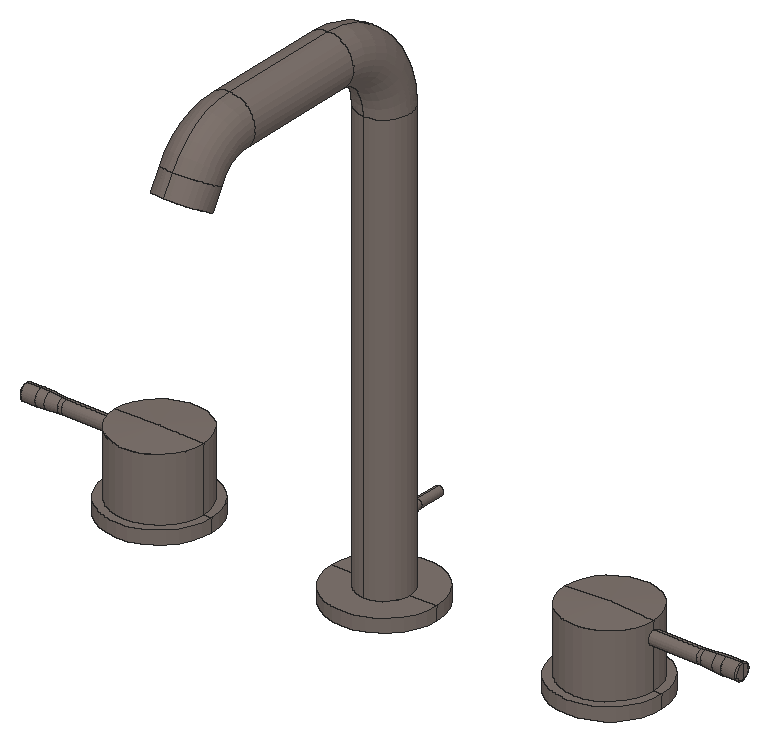
Revit family "Faucet-Lavatory-Grohe-Essence-20431_Series", category Plumbing Fixtures, Revit 2014
Parameters (values of type "20431A0A")
  cUPC Compliant = yes
  Width = 8"
  Waste Connection = no
  Warranty Documentation Link = "https://cdn.cloud.grohe.com/tpi/1000/1900/1940/1949/1949006/original/1949006.pdf"
  WFU = 0
  Vent Connection = no
  URL = "https://www.grohe.us/en_us/"
  Product Page URL = "https://www.grohe.us/en_us/essence-8-widespread-two-handle-bathroom-faucet-l-size-20431A0A.html"
  Price = "Prices may vary. Please consult Manufacturer Representative for most up-to-date price list."  # constant formula
  Model = "20431A0A"
  Material = "Metal-Grohe-A0A-Hard Graphite"
  Manufacturer = "Grohe"
  Length = 4 1/2"  # constant formula
  Installation Type = "Deck-Mounted"
  Hot Water Connection Diameter = 3/8"
  Height = 9 5/8"  # constant formula
  HWFU = 1.5
  HW Connection = yes
  Flow Rate = "1.5 gpm (5.7 L/min)"
  Finish = Metal-Grohe-A0A-Hard Graphite
  Description = "Essence 8'' Widespread Two-Handle Bathroom Faucet L-Size"  # constant formula
  Default Elevation = 0"
  Creation Date = "09/04/2019"  # constant formula
  Cold Water Connection Diameter = 3/8"
  CalGreen Compliant = yes
  CWFU = 1.5
  CW Connection = yes
  Assembly Code = "D2020300"
  ADA Compliant = yes
Types (4): name | Product Page URL | Model | Material | Flow Rate | Finish
  (no name) | "https://www.grohe.us/en_us/essence-8-widespread-two-handle-bathroom-faucet-l-size-20431A0A.html" | "20431A0A" | "Metal-Grohe-A0A-Hard Graphite" | "1.5 gpm (5.7 L/min)" | Metal-Grohe-A0A-Hard Graphite
  20431A0A | "https://www.grohe.us/en_us/essence-8-widespread-two-handle-bathroom-faucet-l-size-20431A0A.html" | "20431A0A" | "Metal-Grohe-A0A-Hard Graphite" | "1.5 gpm (5.7 L/min)" | Metal-Grohe-A0A-Hard Graphite
  20431BEA | "https://www.grohe.us/en_us/essence-8-widespread-two-handle-bathroom-faucet-l-size-20431BEA.html" | "20431BEA" | "Metal-Grohe-BEA-Polished Nickel" | "1.2 gpm (4.56 L/min)" | Metal-Grohe-BEA-Polished Nickel
  20431GNA | "https://www.grohe.us/en_us/essence-8-widespread-two-handle-bathroom-faucet-l-size-20431GNA.html" | "20431GNA" | "Metal-Grohe-GNA-Brushed Cool Sunset" | "1.2 gpm (4.56 L/min)" | Metal-Grohe-GNA-Brushed Cool Sunset
Reference planes (in)
  plane 1 "Center (Front/Back)": y = 0
  plane 2: z = 0
  plane 3 "Center (Left/Right)": x = 0
  plane 4: x = -4
  plane 5: x = 4
  plane 6: z = 9.625
  plane 7: z = 6.3125
  plane 8: x = -4.9375
  plane 9: x = -3.0625
  plane 10: x = -0.9375
  plane 11: x = 0.9375
  plane 12: z = 0.96877
  plane 13: y = 0.58071
  plane 14: x = 4.9375
  plane 15: x = 3.0625
  plane 16: z = 1.09427
  plane 17: z = 1.2126
  plane 18: z = 8.67717
  plane 19: z = 9.15108
  plane 20: y = -4.5
  plane 21: through (0, -4.5, 6.3125) normal (0, -0.866, 0.5)
  plane 22: y = -4.5
  plane 23: z = 8.3125
  plane 24: through (0, -4.34134, 8.58731) normal (0, -0.866, 0.5)
Forms (in)
  Revolve 1, solid, material "Metal-Grohe-A0A-Hard Graphite" <- "Finish"
    sketch origin (0, 0, 0) x (1, 0, 0) y (0, 0, 1)
      loop
        line (-4.78925, 0.23622) -> (-4.9375, 0.23622) -> (-4.9375, 0) -> (-4, 0) -> (-4, 1.39471)
        arc (-4, 1.39471) -> (-4.39504, 1.38577) -> (-4.78925, 1.35878) r 8.64414
        line (-4.78925, 1.35878) -> (-4.78925, 0.23622)
      axis (-4, 1.39471) -> (-4, 0)
    angle from 0 to 360
  Revolve 2, solid, material "Metal-Grohe-A0A-Hard Graphite" <- "Finish"
    sketch origin (0, 0, 0) x (1, 0, 0) y (0, 0, 1)
      loop
        line (0, 0.23622) -> (-0.9375, 0.23622) -> (-0.9375, 0) -> (0, 0) -> (0, 0.23622)
      axis (0, 0.23622) -> (0, 0)
    angle from 0 to 360
  Sweep 3, solid, material "Metal-Grohe-A0A-Hard Graphite" <- "Finish"
    path origin (0, 0, 0) x (0, 1, 0) y (0, 0, 1)
      loop
        line (0, 0) -> (0, 7.90108)
        arc (0, 7.90108) -> (-0.36612, 8.78497) -> (-1.25, 9.15108) r 1.25
        line (-1.25, 9.15108) -> (-3.43384, 9.15108)
        arc (-3.43384, 9.15108) -> (-3.93787, 9.01603) -> (-4.30684, 8.64706) r 1.00805
        line (-4.30684, 8.64706) -> (-4.5, 8.3125)
    profile origin (0, 0, 3.95054) x (0, -1, 0) y (1, 0, 0)
      loop
        circle (0, 0) r 0.45267
  Sweep 4, solid, material "Metal-Grohe-A0A-Hard Graphite" <- "Finish"
    path origin (0, 0, 0) x (0, 1, 0) y (0, 0, 1)
      loop
        line (1.21055, 1.2126) -> (0.72835, 1.2126)
        arc (0.72835, 1.2126) -> (0.62395, 1.16935) -> (0.58071, 1.06495) r 0.14765
        line (0.58071, 1.06495) -> (0.58071, 0)
    profile origin (0, 0.96945, 1.2126) x (0, 0, -1) y (1, 0, 0)
      loop
        circle (0, 0) r 0.07813
  Revolve 5, solid, material "Metal-Grohe-A0A-Hard Graphite" <- "Finish"
    sketch origin (0, 0, 0) x (1, 0, 0) y (0, 0, 1)
      loop
        line (-6.36415, 1.09427) -> (-4.50627, 1.09427) -> (-4.50627, 1.21238) -> (-5.64099, 1.21238)
        arc (-5.64099, 1.21238) -> (-5.67694, 1.2131) -> (-5.71283, 1.21525) r 0.90281
        line (-5.71283, 1.21525) -> (-5.93491, 1.23298)
        arc (-5.93491, 1.23298) -> (-6.01324, 1.23766) -> (-6.0917, 1.23923) r 1.9702
        line (-6.0917, 1.23923) -> (-6.34373, 1.23923)
        arc (-6.34373, 1.23923) -> (-6.35817, 1.23325) -> (-6.36415, 1.21881) r 0.02041
        line (-6.36415, 1.21881) -> (-6.36415, 1.09427)
      axis (-6.36415, 1.09427) -> (-4.50627, 1.09427)
    angle from 0 to 360
  Revolve 6, solid, material "Metal-Grohe-A0A-Hard Graphite" <- "Finish"
    sketch origin (0, 0, 0) x (-1, 0, 0) y (0, 0, 1)
      loop
        line (-4.78925, 0.23622) -> (-4.9375, 0.23622) -> (-4.9375, 0) -> (-4, 0) -> (-4, 1.39471)
        arc (-4, 1.39471) -> (-4.39504, 1.38577) -> (-4.78925, 1.35878) r 8.64414
        line (-4.78925, 1.35878) -> (-4.78925, 0.23622)
      axis (-4, 1.39471) -> (-4, 0)
    angle from 0 to 360
  Revolve 7, solid, material "Metal-Grohe-A0A-Hard Graphite" <- "Finish"
    sketch origin (0, 0, 0) x (-1, 0, 0) y (0, 0, 1)
      loop
        line (-6.36415, 1.09427) -> (-4.50627, 1.09427) -> (-4.50627, 1.21238) -> (-5.64099, 1.21238)
        arc (-5.64099, 1.21238) -> (-5.67694, 1.2131) -> (-5.71283, 1.21525) r 0.90281
        line (-5.71283, 1.21525) -> (-5.93491, 1.23298)
        arc (-5.93491, 1.23298) -> (-6.01324, 1.23766) -> (-6.0917, 1.23923) r 1.9702
        line (-6.0917, 1.23923) -> (-6.34373, 1.23923)
        arc (-6.34373, 1.23923) -> (-6.35817, 1.23325) -> (-6.36415, 1.21881) r 0.02041
        line (-6.36415, 1.21881) -> (-6.36415, 1.09427)
      axis (-6.36415, 1.09427) -> (-4.50627, 1.09427)
    angle from 0 to 360
  Revolve 8, solid, material "Metal-Grohe-A0A-Hard Graphite" <- "Finish"
    sketch origin (0, 0.01893, 2.03278) x (0, 1, 0) y (0, 0, 1)
      loop
        line (-4.42807, 6.43708) -> (-4.72304, 6.60738) -> (-4.81893, 6.44129) -> (-4.79035, 6.42479) -> (-4.77349, 6.45398) -> (-4.74608, 6.43815) -> (-4.76294, 6.40896) -> (-4.73557, 6.39316) -> (-4.71872, 6.42235) -> (-4.69086, 6.40627) -> (-4.70772, 6.37708) -> (-4.68084, 6.36156) -> (-4.66398, 6.39075) -> (-4.63636, 6.3748) -> (-4.65321, 6.34561) -> (-4.62314, 6.32825) -> (-4.60629, 6.35744) -> (-4.57901, 6.34169) -> (-4.59586, 6.3125) -> (-4.52397, 6.27099) -> (-4.42807, 6.43708)
      axis (-4.42807, 6.43708) -> (-4.52397, 6.27099)
    angle from 0 to 360
Cuts and joins
  joined: Revolve 1, Revolve 2, Sweep 3, Sweep 4, Revolve 5, Revolve 6, Revolve 7, Revolve 8
Lines and regions (in)
  Masking region 1
    outline origin (0, 0, 0) x (1, 0, 0) y (0, 1, 0)
      loop
        arc (-4.92966, -0.12101) -> (-3.0625, 0) -> (-4.92966, 0.12101) r 0.9375
        line (-4.92966, 0.12101) -> (-5.68986, 0.12101) -> (-6.05243, 0.14636) -> (-6.36655, 0.14636) -> (-6.36655, -0.14636) -> (-6.05243, -0.14636) -> (-5.68986, -0.12101) -> (-4.92966, -0.12101)
      loop
        arc (0.45267, -0.82097) -> (0.91686, 0.19565) -> (0.07813, 0.93424) r 0.9375
        line (0.07813, 0.93424) -> (0.07813, 1.21055) -> (-0.07812, 1.21055) -> (-0.07812, 0.93424)
        arc (-0.07812, 0.93424) -> (-0.91686, 0.19565) -> (-0.45267, -0.82097) r 0.9375
        line (-0.45267, -0.82097) -> (-0.45267, -4.5)
        arc (-0.45267, -4.5) -> (0, -4.95267) -> (0.45267, -4.5) r 0.45267
        line (0.45267, -4.5) -> (0.45267, -0.82097)
      loop
        line (4.92966, -0.12101) -> (5.68986, -0.12101) -> (6.05243, -0.14636) -> (6.36655, -0.14636) -> (6.36655, 0.14636) -> (6.05243, 0.14636) -> (5.68986, 0.12101) -> (4.92966, 0.12101)
        arc (4.92966, 0.12101) -> (3.0625, 0) -> (4.92966, -0.12101) r 0.9375
  symbolic lines, detail levels medium+fine
    curve 1: arc (-4.77992, -0.12101, 0) -> (-3.21075, 0, 0) -> (-4.77992, 0.12101, 0) r 0.78925
    curve 2: arc (0.45267, 0, 0) -> (0, 0.45267, 0) -> (-0.45267, 0, 0) r 0.45267
    curve 3: arc (-0.07813, 0.58071, 0) -> (0, 0.50258, 0) -> (0.07812, 0.58071, 0) r 0.07812
    curve 4: line (-4.92966, 0.12101, 0) -> (-4.77992, 0.12101, 0)
    curve 5: line (-0.45267, 0, 0) -> (-0.45267, -0.82097, 0)
    curve 6: line (-0.07812, 0.58071, 0) -> (-0.07812, 0.93424, 0)
    curve 7: line (-4.92966, -0.12101, 0) -> (-4.77992, -0.12101, 0)
    curve 8: line (0.45267, 0, 0) -> (0.45267, -0.82097, 0)
    curve 9: line (0.07812, 0.58071, 0) -> (0.07812, 0.93424, 0)
    curve 11: arc (4.77992, -0.12101, 0) -> (3.21075, 0, 0) -> (4.77992, 0.12101, 0) r 0.78925
    curve 12: line (4.92966, 0.12101, 0) -> (4.77992, 0.12101, 0)
    curve 13: line (4.92966, -0.12101, 0) -> (4.77992, -0.12101, 0)
  symbolic lines, detail levels fine
    curve 10: arc (-4.77992, 0.12101, 0) -> (-4.78925, 0, 0) -> (-4.77992, -0.12101, 0) r 0.78925
    curve 14: arc (4.77992, 0.12101, 0) -> (4.78925, 0, 0) -> (4.77992, -0.12101, 0) r 0.78925
Dimensions and locks (in)
  equal spacing: plane 5, plane 3 "Center (Left/Right)", plane 4
  "Width": plane 5 to plane 4
  "Height": plane 6 to level
  equal spacing: plane 8, plane 4, plane 9
  equal spacing: plane 10, plane 3 "Center (Left/Right)", plane 11
  locked: plane 8 to plane 9 at 1.875
  equal spacing: plane 14, plane 5, plane 15
  locked: plane 14 to plane 15 at 1.875
  locked: plane 10 to plane 11 at 1.875
  "Length": plane 1 "Center (Front/Back)" to plane 22
  locked: plane 23 to level at 8.3125
  angle plane 20 to plane 21 = 30.00°
  locked: plane 22 to plane 24 (angle 30.00°)
  aligned and locked: Revolve 1 sketch curve to plane 4
  aligned and locked: Revolve 2 sketch curve to plane 3 "Center (Left/Right)"
  aligned and locked: plane 17 to Sweep 4 sketch curve
Automatic sketch dimensions
  Revolve 1 sketch curve to level = 0"
  Revolve 1 sketch curve to plane 4 = 0"
  Revolve 1 sketch curve to plane 8 = 0.14825"
  Revolve 1 sketch curve to plane 4 = 0.00193"
  Revolve 1 sketch curve to level = 7.24943"
  plane 16 to Revolve 1 sketch curve = 0.30044"
  Revolve 1 sketch curve to Revolve 1 sketch curve = 0.64503"
  Revolve 1 sketch curve to Revolve 1 sketch curve = 1/4"
  Revolve 2 sketch curve to plane 3 "Center (Left/Right)" = 0"
  Revolve 2 sketch curve to level = 0"
  Revolve 2 sketch curve to Revolve 2 sketch curve = 0.19176"
  Revolve 2 sketch curve to Revolve 2 sketch curve = 0.03754"
  plane 7 to Sweep 3 sketch curve = 2"
  Sweep 3 sketch curve to plane 20 = 0"
  plane 21 to Sweep 3 sketch curve = 1"
  Sweep 3 sketch curve to plane 19 = 0"
  Sweep 3 sketch curve to plane 1 "Center (Front/Back)" = 0"
  Sweep 3 sketch curve to level = 0"
  Sweep 3 sketch curve to plane 18 = 0.03011"
  plane 7 to Sweep 3 sketch curve = 1.83053"
  plane 7 to Sweep 3 sketch curve = 1.58858"
  Sweep 3 sketch curve to plane 3 "Center (Left/Right)" = 0"
  Sweep 3 sketch curve to profile plane = 0"
  Sweep 4 sketch curve to level = 0"
  Sweep 4 sketch curve to plane 13 = 0"
  Sweep 4 sketch curve to plane 16 = 0.02932"
  Sweep 4 sketch curve to Sweep 4 sketch curve = 0.48219"
  Sweep 4 sketch curve to plane 3 "Center (Left/Right)" = 0"
  Sweep 4 sketch curve to profile plane = 0"
  Revolve 5 sketch curve to plane 16 = 0"  (x2)
  plane 8 to Revolve 5 sketch curve = 1.42665"
  Revolve 5 sketch curve to Revolve 5 sketch curve = 0.02041"
  plane 16 to Revolve 5 sketch curve = 0.14496"
  Revolve 5 sketch curve to Revolve 5 sketch curve = 0.25203"
  plane 16 to Revolve 5 sketch curve = 0.13871"
  Revolve 5 sketch curve to Revolve 5 sketch curve = 0.15679"
  plane 16 to Revolve 5 sketch curve = 0.12098"
  Revolve 5 sketch curve to Revolve 5 sketch curve = 0.22208"
  plane 8 to Revolve 5 sketch curve = 0.70349"
  Revolve 5 sketch curve to plane 8 = 0.43123"
  Revolve 5 sketch curve to Revolve 5 sketch curve = 0.11811"
  Revolve 5 sketch curve to Revolve 5 sketch curve = 0.03346"
  Revolve 5 sketch curve to Revolve 5 sketch curve = 0.20561"
  Revolve 6 sketch curve to level = 0"
  plane 5 to Revolve 6 sketch curve = 0"  (x2)
  plane 14 to Revolve 6 sketch curve = 0.14825"
  plane 5 to Revolve 6 sketch curve = 0.00193"
  level to Revolve 6 sketch curve = 7.24943"
  Revolve 6 sketch curve to plane 16 = 0.30044"
  Revolve 6 sketch curve to Revolve 6 sketch curve = 0.64503"
  Revolve 6 sketch curve to Revolve 6 sketch curve = 1/4"
  Revolve 7 sketch curve to plane 16 = 0"  (x2)
  Revolve 7 sketch curve to plane 14 = 1.42665"
  Revolve 7 sketch curve to Revolve 7 sketch curve = 0.02041"
  Revolve 7 sketch curve to plane 16 = 0.14496"
  Revolve 7 sketch curve to Revolve 7 sketch curve = 0.25203"
  Revolve 7 sketch curve to plane 16 = 0.13871"
  Revolve 7 sketch curve to Revolve 7 sketch curve = 0.15679"
  Revolve 7 sketch curve to plane 16 = 0.12098"
  Revolve 7 sketch curve to Revolve 7 sketch curve = 0.22208"
  Revolve 7 sketch curve to plane 14 = 0.70349"
  plane 14 to Revolve 7 sketch curve = 0.43123"
  Revolve 7 sketch curve to Revolve 7 sketch curve = 0.11811"
  Revolve 7 sketch curve to Revolve 7 sketch curve = 0.03346"
  Revolve 7 sketch curve to Revolve 7 sketch curve = 0.20561"
  plane 1 "Center (Front/Back)" to Masking region 1 sketch curve = 0"  (x3)
  Masking region 1 sketch curve to plane 4 = 0"
  Masking region 1 sketch curve to plane 22 = 0"
  Masking region 1 sketch curve to plane 3 "Center (Left/Right)" = 0"  (x2)
  Masking region 1 sketch curve to plane 5 = 0"
  Masking region 1 sketch curve to plane 8 = 0.00784"
  plane 1 "Center (Front/Back)" to Masking region 1 sketch curve = 0.12101"
  plane 8 to Masking region 1 sketch curve = 0.75236"
  Masking region 1 sketch curve to plane 1 "Center (Front/Back)" = 0.12101"  (x2)
  Masking region 1 sketch curve to Masking region 1 sketch curve = 0"  (x7)
  Masking region 1 sketch curve to plane 1 "Center (Front/Back)" = 0.14636"  (x2)
  Masking region 1 sketch curve to Masking region 1 sketch curve = 0.36257"  (x2)
  Masking region 1 sketch curve to Masking region 1 sketch curve = 0.31412"  (x2)
  Masking region 1 sketch curve to Masking region 1 sketch curve = 0.45267"
  Masking region 1 sketch curve to plane 3 "Center (Left/Right)" = 5/64"
  plane 3 "Center (Left/Right)" to Masking region 1 sketch curve = 5/64"
  Masking region 1 sketch curve to plane 14 = 0.00784"  (x2)
  plane 14 to Masking region 1 sketch curve = 0.75236"
  plane 1 "Center (Front/Back)" to Masking region 1 sketch curve = 0.14636"  (x2)
  Masking region 1 sketch curve to plane 13 = 0.62984"
  Masking region 1 sketch curve to Masking region 1 sketch curve = 0.27631"
  plane 1 "Center (Front/Back)" to Masking region 1 sketch curve = 0.82097"
  curve 1 to curve 10 = 0"  (x2)
  curve 11 to curve 14 = 0"  (x2)
  plane 1 "Center (Front/Back)" to curve 10 = 0"
  curve 10 to plane 4 = 0"
  plane 1 "Center (Front/Back)" to curve 5 = 0"
  plane 1 "Center (Front/Back)" to curve 2 = 0"
  plane 13 to curve 6 = 0"
  plane 13 to curve 3 = 0"
  curve 2 to plane 3 "Center (Left/Right)" = 0"
  curve 3 to plane 3 "Center (Left/Right)" = 0"
  plane 1 "Center (Front/Back)" to curve 14 = 0"
  curve 14 to plane 5 = 0"
  curve 7 to plane 8 = 0.15758"
  curve 3 to curve 9 = 5/64"
  curve 2 to curve 8 = 0.45267"
  curve 12 to plane 14 = 0.15758"
  plane 1 "Center (Front/Back)" to curve 13 = 0.12101"
  curve 13 to curve 12 = 0"
  plane 1 "Center (Front/Back)" to curve 7 = 0.12101"
  curve 1 to plane 1 "Center (Front/Back)" = 0.12101"
  curve 4 to curve 1 = 0"
  curve 4 to plane 8 = 0.00784"
  curve 7 to plane 8 = 0.00784"
  curve 13 to plane 14 = 0.00784"
  curve 12 to plane 14 = 0.00784"
  curve 5 to curve 5 = 0.82097"
  curve 8 to curve 8 = 0.82097"
  curve 6 to curve 6 = 0.35353"
  curve 6 to curve 9 = 0"
  Revolve 8 sketch curve to plane 22 = 0.3"
  plane 7 to Revolve 8 sketch curve = 2.14507"
  Revolve 8 sketch curve to Revolve 8 sketch curve = 0.02858"
  plane 7 to Revolve 8 sketch curve = 2.17426"
  Revolve 8 sketch curve to Revolve 8 sketch curve = 0.01685"
  Revolve 8 sketch curve to Revolve 8 sketch curve = 0.02741"
  plane 7 to Revolve 8 sketch curve = 2.15844"
  plane 7 to Revolve 8 sketch curve = 2.11344"
  Revolve 8 sketch curve to Revolve 8 sketch curve = 0.05045"
  plane 7 to Revolve 8 sketch curve = 2.14264"
  Revolve 8 sketch curve to Revolve 8 sketch curve = 0.02785"
  plane 7 to Revolve 8 sketch curve = 2.12655"
  plane 7 to Revolve 8 sketch curve = 2.08184"
  plane 7 to Revolve 8 sketch curve = 2.11104"
  Revolve 8 sketch curve to Revolve 8 sketch curve = 0.02763"
  plane 7 to Revolve 8 sketch curve = 2.09508"
  plane 7 to Revolve 8 sketch curve = 2.04853"
  plane 7 to Revolve 8 sketch curve = 2.07772"
  plane 7 to Revolve 8 sketch curve = 2.03278"
  Revolve 8 sketch curve to Revolve 8 sketch curve = 0.02728"
  Revolve 8 sketch curve to plane 22 = 0.00504"
  Revolve 8 sketch curve to plane 22 = 0.05464"
  Revolve 8 sketch curve to Revolve 8 sketch curve = 0.02891"
  plane 7 to Revolve 8 sketch curve = 1.90536"
  Revolve 8 sketch curve to Revolve 8 sketch curve = 0.05007"
  plane 8 to Revolve 1 sketch curve = 0"
  level to Revolve 1 sketch curve = 0.23622"
  plane 10 to Revolve 2 sketch curve = 0"
  level to Revolve 2 sketch curve = 0.23622"
  plane 14 to Revolve 6 sketch curve = 0"
  Revolve 6 sketch curve to Revolve 6 sketch curve = 0.23622"
  radius of Sweep 3 sketch curve = 0.45267"
  radius of Sweep 4 sketch curve = 5/64"
Connectors (in)
  piping at (-4, 0, 0), diameter 0.375, driven by "HWFU", driven by "Hot Water Connection Diameter"
    settings: on cut or joined group of Revolve 1, Revolve 2, Sweep 3, Sweep 4, Revolve 5, Revolve 6, Revolve 7, Revolve 8, index 1, connector inside diameter 24", connector length 0", flow factor 0, pipe flow 0 GPM, pressure drop 0.00 psi, fitting loss kfactor 0, connector angle 0.00°, fixture units 1.5, engagement length 0", angle of deflection 0.00°, flow configuration 3, flow direction 1, fitting loss method 0, system type 19, joint type 0, gender type 0, connector reference index -1, connector utility 0, adjustable connector no, is connector primary yes, connector description "3/8\" NPT HW Inlet"
  piping at (4, 0, 0), diameter 0.375, driven by "CWFU", driven by "Cold Water Connection Diameter"
    settings: on cut or joined group of Revolve 1, Revolve 2, Sweep 3, Sweep 4, Revolve 5, Revolve 6, Revolve 7, Revolve 8, index 2, connector inside diameter 24", connector length 0", flow factor 0, pipe flow 0 GPM, pressure drop 0.00 psi, fitting loss kfactor 0, connector angle 0.00°, fixture units 1.5, engagement length 0", angle of deflection 0.00°, flow configuration 3, flow direction 1, fitting loss method 0, system type 20, joint type 0, gender type 0, connector reference index -1, connector utility 0, adjustable connector no, is connector primary no, connector description "3/8\" NPT CW Inlet"
